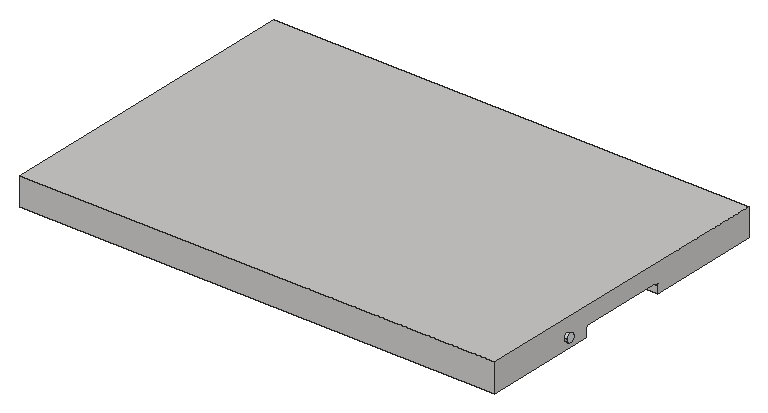
Revit family "QF_BOURGEAT_plaque_chauffante_extra_basse", category Equipement spécialisé, Revit 2015
Parameters (values of type "400x600")
  URL catalogue = "http://www.bourgeat.fr"
  URL = ""
  Type de Raccord Electrique = ""
  Type article = ""
  Tension = 230 V
  Spécification du Fabricant = "PLAQUE CHAUFFANTE"
  Remarques Electricité = ""
  Puissance électrique  = 300 W
  Profondeur hors tout = 400 mm
  Poids net à vide = 2.50 kg
  Phase = 2
  Modèle = "870804"
  Longueur hors tout = 600 mm
  Intensité nominale = 1.30435 A
  Indice de protection = "21"
  Hauteur hors tout = 42 mm
  Fréquence = 50 Hz
  Fabricant = "BOURGEAT"
  Contact SAV = "0033(0)4.76.32.14.44"
  Charge max = 10.00 kg
Types (3, lengths in mm): name | Puissance électrique  | Profondeur hors tout | Poids net à vide | Modèle | Longueur hors tout | Intensité nominale | Hauteur hors tout
  (no name) | 300 W | 400 | 2.50 kg | "870804" | 600 | 1.30435 A | 42
  GN1/1 | 225 W | 325 | 2.00 kg | "870801" | 530 | 0.978261 A | 38
  400x600 | 300 W | 400 | 2.50 kg | "870804" | 600 | 1.30435 A | 42
Reference planes
  plane 1 "Centre (avant/arrière)": y = 0
  plane 2: z = 0
  plane 3 "Centre (gauche/droite)": x = 0
  plane 4: x = 300
  plane 5: x = -300
  plane 6: y = 200
  plane 7: y = -200
  plane 8: z = 42
  plane 9: z = 6
  plane 10: x = -256
  plane 11: x = 256
  plane 12: y = 161
  plane 13: y = -161
  plane 14: z = 21
  plane 15: y = -87
  plane 16: y = 57
  plane 17: y = -57
  plane 18: z = 19
  plane 19: x = 305
Forms (mm)
  Extrusion 1, solid, material "Acier inoxydable, brossé"
    sketch origin (0, 0, 0) x (1, 0, 0) y (0, 1, 0)
      loop
        line (-300, 200) -> (-300, -200) -> (300, -200) -> (300, 200) -> (-300, 200)
    from 6 to 42
  Extrusion 2, solid
    sketch origin (0, 0, 0) x (1, 0, 0) y (0, 1, 0)
      loop
        circle (-256, 161) r 19.5
      loop
        circle (-256, -161) r 19.5
      loop
        circle (256, -161) r 19.5
      loop
        circle (256, 161) r 19.5
    from 0 to 6
  Extrusion 3, solid
    sketch origin (0, -48.111, 0) x (0, 1, 0) y (0, 0, 1)
      loop
        circle (-38.889, 21) r 5
    from 300 to 305
  Extrusion 4, void
    sketch origin (0, 0, 0) x (0, 1, 0) y (0, 0, 1)
      loop
        line (-57, 6) -> (57, 6) -> (57, 15)
        arc (57, 15) -> (55.828, 17.828) -> (53, 19) r 4
        line (53, 19) -> (-53, 19)
        arc (-53, 19) -> (-55.828, 17.828) -> (-57, 15) r 4
        line (-57, 15) -> (-57, 6)
    from 256 to 305
Cuts and joins
  Extrusion 4 cuts Extrusion 1
Dimensions and locks
  equal spacing: plane 6, plane 1 "Centre (avant/arrière)", plane 7
  "Profondeur hors tout": plane 7 to plane 6
  "Longueur hors tout": plane 5 to plane 4
  equal spacing: plane 5, plane 3 "Centre (gauche/droite)", plane 4
  "Hauteur hors tout": plane 8 to plane 2
  locked: plane 9 to plane 2 at 6
  locked: plane 6 to plane 12 at 39
  locked: plane 5 to plane 10 at 44
  locked: plane 7 to plane 13 at 39
  locked: plane 11 to plane 4 at 44
  plane 16 to plane 1 "Centre (avant/arrière)" to plane 17 = 57 mm locked, 57 mm locked
  locked: plane 1 "Centre (avant/arrière)" to plane 15 at 87
  locked: plane 4 to plane 19 at 5
  locked: plane 18 to plane 2 at 19
  aligned and locked: level to plane 2
  aligned and locked: Extrusion 1 sketch curve to plane 6
  aligned and locked: Extrusion 1 sketch curve to plane 5
  aligned and locked: Extrusion 1 sketch curve to plane 7
  aligned and locked: Extrusion 1 sketch curve to plane 4
  aligned and locked: Extrusion 1 to plane 9
  aligned and locked: Extrusion 2 to Extrusion 1
  aligned and locked: plane 14 to Extrusion 3 sketch curve
  aligned and locked: plane 15 to Extrusion 3 sketch curve
  aligned and locked: Extrusion 4 sketch curve to plane 17
  aligned and locked: Extrusion 4 sketch curve to plane 18
  aligned and locked: Extrusion 4 sketch curve to plane 16
  aligned and locked: plane 11 to Extrusion 4
  aligned and locked: Extrusion 3 to plane 4
  aligned and locked: Extrusion 3 to plane 19
  aligned and locked: Extrusion 3 to Extrusion 4
  aligned and locked: plane 8 to cut or joined group of Extrusion 1, Extrusion 4
Automatic sketch dimensions
  Extrusion 2 sketch curve to plane 10 = 0 mm  (x2)
  Extrusion 2 sketch curve to plane 11 = 0 mm  (x2)
  plane 13 to Extrusion 2 sketch curve = 0 mm  (x2)
  Extrusion 2 sketch curve to plane 12 = 0 mm  (x2)
  Extrusion 4 sketch curve to plane 9 = 0 mm
  Extrusion 4 sketch curve to plane 17 = 4 mm
  Extrusion 4 sketch curve to plane 16 = 4 mm
  radius of Extrusion 2 sketch curve = 19.5 mm  (x4)
  radius of Extrusion 3 sketch curve = 5 mm
Connectors
  electrical at (305, -87, 21), driven by "Tension"
    settings: on Extrusion 3, index 1, voltage 230 V, apparent load 0 VA, apparent load phase1 225 VA, apparent load phase2 0 VA, apparent load phase3 0 VA, power factor 1, load classification "Autre", number of poles 1, system type 30, power factor state 1, is connector primary yes, connector utility no, sub classification motor no, connector description ""
